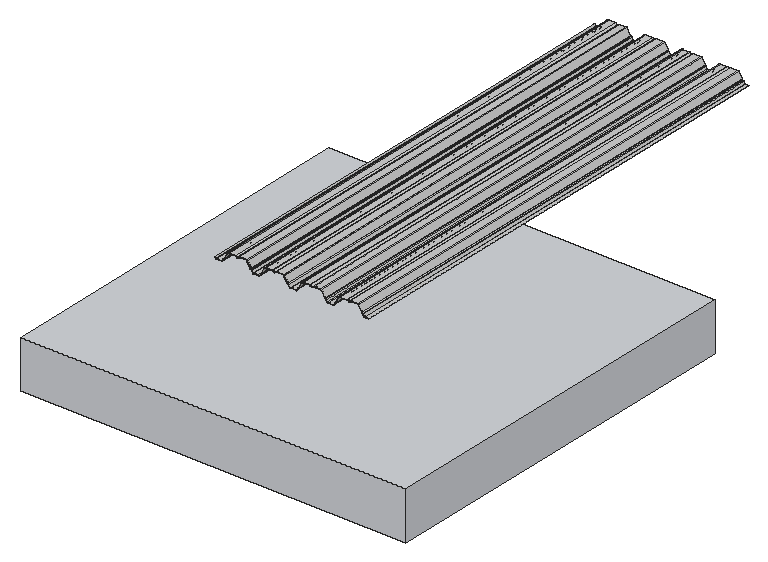
Revit family "Trapézový plech CB 60_235", category Obecné modely, Revit 2016
Family settings
  Hostitel = Plocha
  Typ součásti = Normální
  Může být hostitelem pro výztuž = Ne
  Kóta kulaté spojky = Použít průměr
  Ořezat dutým tvarem při načtení = Ne
  Sdílené = Ne
  Bod výpočtu místnosti = Ne
Parameters
  Šířka prvku - ořezání [instance] = 971.683 mm
  Šířka [instance] = 940 mm  # constant formula
  Výrobce = "CB profil a. s."  # constant formula
  Default Elevation = 0 mm
  URL = "https://www.cbprofil.cz/vyrobni-program/trapezove-plechy-vyroba-cb/"
  Třída oceli [instance] = Třída oceli : S 320 GD
  Tloušťka [instance] = 1 mm
  Pozitivní [instance] = not(Negativní)  # yes
  Popis = "CB 60/235"
  Negativní [instance] = no
  F2 barva [instance] = Pozink
  F1 barva [instance] = Pozink
  Délka [instance] = 3000 mm
  CB FLIS [instance] = no
Reference planes
  plane 1 "Střed (vpředu/vzadu)": y = 0
  plane 2: z = 0
  plane 3 "Střed (vlevo/vpravo)": x = 0
  plane 4 "trapézový plech": z = 0
  plane 5 "oříznutí": x = -971.683
  plane 6: x = -1219.2
  plane 7: x = -940
  plane 8: z = 62
Forms (mm)
  Extrusion 1, solid
    sketch origin (0, 0, 0) x (1, 0, 0) y (0, 1, 0)
      loop
        line (-1219.2, 1219.2) -> (-1219.2, -1219.2) -> (1219.2, -1219.2) -> (1219.2, 1219.2) -> (-1219.2, 1219.2)
    from 0 to -304.8
  Sweep 2, solid, material "Pozink" <- "F2 barva", visible <- "Pozitivní"
    path origin (0, 0, 0) x (-1, 0, 0) y (0, -1, 0)
      loop
        line (0, 0) -> (0, -3000)
    profile "CB 60_235 : CB 60_235" origin (0, 1500, 0) x (-1, 0, 0) y (0, 0, 1)
      loop
        line (0, 1) -> (-4.6, 1) -> (-4.6, 0) -> (0, 0) -> (17.003, 0)
        arc (17.003, 0) -> (19.831, 0.783) -> (21.854, 2.908) r 5.5
        line (21.854, 2.908) -> (27.889, 14.201)
        arc (27.889, 14.201) -> (28.496, 15.072) -> (29.291, 15.777) r 4.5
        line (29.291, 15.777) -> (36.384, 20.702)
        arc (36.384, 20.702) -> (37.355, 21.563) -> (38.097, 22.627) r 5.5
        line (38.097, 22.627) -> (56.798, 57.621)
        arc (56.798, 57.621) -> (58.453, 59.36) -> (60.767, 60) r 4.5
        line (60.767, 60) -> (104.431, 60)
        arc (104.431, 60) -> (105.595, 59.847) -> (106.681, 59.397) r 4.5
        line (106.681, 59.397) -> (114.752, 54.737)
        arc (114.752, 54.737) -> (117.502, 54) -> (120.252, 54.737) r 5.5
        line (120.252, 54.737) -> (128.324, 59.397)
        arc (128.324, 59.397) -> (129.409, 59.847) -> (130.574, 60) r 4.5
        line (130.574, 60) -> (174.238, 60)
        arc (174.238, 60) -> (176.552, 59.36) -> (178.207, 57.621) r 4.5
        line (178.207, 57.621) -> (196.907, 22.627)
        arc (196.907, 22.627) -> (197.65, 21.563) -> (198.621, 20.702) r 5.5
        line (198.621, 20.702) -> (205.714, 15.777)
        arc (205.714, 15.777) -> (206.508, 15.072) -> (207.116, 14.201) r 4.5
        line (207.116, 14.201) -> (213.151, 2.908)
        arc (213.151, 2.908) -> (215.174, 0.783) -> (218.002, 0) r 5.5
        line (218.002, 0) -> (235.005, 0) -> (252.008, 0)
        arc (252.008, 0) -> (254.835, 0.783) -> (256.858, 2.908) r 5.5
        line (256.858, 2.908) -> (262.894, 14.201)
        arc (262.894, 14.201) -> (263.501, 15.072) -> (264.296, 15.777) r 4.5
        line (264.296, 15.777) -> (271.388, 20.702)
        arc (271.388, 20.702) -> (272.36, 21.563) -> (273.102, 22.627) r 5.5
        line (273.102, 22.627) -> (291.803, 57.621)
        arc (291.803, 57.621) -> (293.458, 59.36) -> (295.771, 60) r 4.5
        line (295.771, 60) -> (339.435, 60)
        arc (339.435, 60) -> (340.6, 59.847) -> (341.685, 59.397) r 4.5
        line (341.685, 59.397) -> (349.757, 54.737)
        arc (349.757, 54.737) -> (352.507, 54) -> (355.257, 54.737) r 5.5
        line (355.257, 54.737) -> (363.329, 59.397)
        arc (363.329, 59.397) -> (364.414, 59.847) -> (365.579, 60) r 4.5
        line (365.579, 60) -> (409.243, 60)
        arc (409.243, 60) -> (411.556, 59.36) -> (413.212, 57.621) r 4.5
        line (413.212, 57.621) -> (431.912, 22.627)
        arc (431.912, 22.627) -> (432.655, 21.563) -> (433.626, 20.702) r 5.5
        line (433.626, 20.702) -> (440.718, 15.777)
        arc (440.718, 15.777) -> (441.513, 15.072) -> (442.12, 14.201) r 4.5
        line (442.12, 14.201) -> (448.156, 2.908)
        arc (448.156, 2.908) -> (450.179, 0.783) -> (453.007, 0) r 5.5
        line (453.007, 0) -> (470.009, 0) -> (487.012, 0)
        arc (487.012, 0) -> (489.84, 0.783) -> (491.863, 2.908) r 5.5
        line (491.863, 2.908) -> (497.898, 14.201)
        arc (497.898, 14.201) -> (498.506, 15.072) -> (499.3, 15.777) r 4.5
        line (499.3, 15.777) -> (506.393, 20.702)
        arc (506.393, 20.702) -> (507.364, 21.563) -> (508.107, 22.627) r 5.5
        line (508.107, 22.627) -> (526.807, 57.621)
        arc (526.807, 57.621) -> (528.463, 59.36) -> (530.776, 60) r 4.5
        line (530.776, 60) -> (574.44, 60)
        arc (574.44, 60) -> (575.605, 59.847) -> (576.69, 59.397) r 4.5
        line (576.69, 59.397) -> (584.762, 54.737)
        arc (584.762, 54.737) -> (587.512, 54) -> (590.262, 54.737) r 5.5
        line (590.262, 54.737) -> (598.334, 59.397)
        arc (598.334, 59.397) -> (599.419, 59.847) -> (600.584, 60) r 4.5
        line (600.584, 60) -> (644.247, 60)
        arc (644.247, 60) -> (646.561, 59.36) -> (648.216, 57.621) r 4.5
        line (648.216, 57.621) -> (666.917, 22.627)
        arc (666.917, 22.627) -> (667.659, 21.563) -> (668.631, 20.702) r 5.5
        line (668.631, 20.702) -> (675.723, 15.777)
        arc (675.723, 15.777) -> (676.518, 15.072) -> (677.125, 14.201) r 4.5
        line (677.125, 14.201) -> (683.161, 2.908)
        arc (683.161, 2.908) -> (685.184, 0.783) -> (688.011, 0) r 5.5
        line (688.011, 0) -> (705.014, 0) -> (722.017, 0)
        arc (722.017, 0) -> (724.845, 0.783) -> (726.868, 2.908) r 5.5
        line (726.868, 2.908) -> (732.903, 14.201)
        arc (732.903, 14.201) -> (733.511, 15.072) -> (734.305, 15.777) r 4.5
        line (734.305, 15.777) -> (741.398, 20.702)
        arc (741.398, 20.702) -> (742.369, 21.563) -> (743.111, 22.627) r 5.5
        line (743.111, 22.627) -> (761.812, 57.621)
        arc (761.812, 57.621) -> (763.467, 59.36) -> (765.781, 60) r 4.5
        line (765.781, 60) -> (809.445, 60)
        arc (809.445, 60) -> (810.609, 59.847) -> (811.695, 59.397) r 4.5
        line (811.695, 59.397) -> (819.766, 54.737)
        arc (819.766, 54.737) -> (822.516, 54) -> (825.266, 54.737) r 5.5
        line (825.266, 54.737) -> (833.338, 59.397)
        arc (833.338, 59.397) -> (834.424, 59.847) -> (835.588, 60) r 4.5
        line (835.588, 60) -> (879.252, 60)
        arc (879.252, 60) -> (881.566, 59.36) -> (883.221, 57.621) r 4.5
        line (883.221, 57.621) -> (901.922, 22.627)
        arc (901.922, 22.627) -> (902.664, 21.563) -> (903.635, 20.702) r 5.5
        line (903.635, 20.702) -> (910.728, 15.777)
        arc (910.728, 15.777) -> (911.522, 15.072) -> (912.13, 14.201) r 4.5
        line (912.13, 14.201) -> (918.165, 2.908)
        arc (918.165, 2.908) -> (920.188, 0.783) -> (923.016, 0) r 5.5
        line (923.016, 0) -> (940.019, 0) -> (957.022, 0)
        arc (957.022, 0) -> (959.849, 0.783) -> (961.872, 2.908) r 5.5
        line (961.872, 2.908) -> (965.644, 9.965) -> (964.762, 10.436) -> (960.99, 3.379)
        arc (960.99, 3.379) -> (959.335, 1.64) -> (957.022, 1) r 4.5
        line (957.022, 1) -> (940.019, 1) -> (923.016, 1)
        arc (923.016, 1) -> (920.702, 1.64) -> (919.047, 3.379) r 4.5
        line (919.047, 3.379) -> (913.012, 14.673)
        arc (913.012, 14.673) -> (912.269, 15.737) -> (911.298, 16.598) r 5.5
        line (911.298, 16.598) -> (904.206, 21.523)
        arc (904.206, 21.523) -> (903.411, 22.228) -> (902.804, 23.099) r 4.5
        line (902.804, 23.099) -> (884.103, 58.092)
        arc (884.103, 58.092) -> (882.08, 60.217) -> (879.252, 61) r 5.5
        line (879.252, 61) -> (835.588, 61)
        arc (835.588, 61) -> (834.165, 60.813) -> (832.838, 60.263) r 5.5
        line (832.838, 60.263) -> (824.766, 55.603)
        arc (824.766, 55.603) -> (822.516, 55) -> (820.266, 55.603) r 4.5
        line (820.266, 55.603) -> (812.195, 60.263)
        arc (812.195, 60.263) -> (810.868, 60.813) -> (809.445, 61) r 5.5
        line (809.445, 61) -> (765.781, 61)
        arc (765.781, 61) -> (762.953, 60.217) -> (760.93, 58.092) r 5.5
        line (760.93, 58.092) -> (742.229, 23.099)
        arc (742.229, 23.099) -> (741.622, 22.228) -> (740.827, 21.523) r 4.5
        line (740.827, 21.523) -> (733.735, 16.598)
        arc (733.735, 16.598) -> (732.764, 15.737) -> (732.021, 14.673) r 5.5
        line (732.021, 14.673) -> (725.986, 3.379)
        arc (725.986, 3.379) -> (724.331, 1.64) -> (722.017, 1) r 4.5
        line (722.017, 1) -> (705.014, 1) -> (688.011, 1)
        arc (688.011, 1) -> (685.698, 1.64) -> (684.042, 3.379) r 4.5
        line (684.042, 3.379) -> (678.007, 14.673)
        arc (678.007, 14.673) -> (677.265, 15.737) -> (676.293, 16.598) r 5.5
        line (676.293, 16.598) -> (669.201, 21.523)
        arc (669.201, 21.523) -> (668.406, 22.228) -> (667.799, 23.099) r 4.5
        line (667.799, 23.099) -> (649.098, 58.092)
        arc (649.098, 58.092) -> (647.075, 60.217) -> (644.247, 61) r 5.5
        line (644.247, 61) -> (600.584, 61)
        arc (600.584, 61) -> (599.16, 60.813) -> (597.834, 60.263) r 5.5
        line (597.834, 60.263) -> (589.762, 55.603)
        arc (589.762, 55.603) -> (587.512, 55) -> (585.262, 55.603) r 4.5
        line (585.262, 55.603) -> (577.19, 60.263)
        arc (577.19, 60.263) -> (575.863, 60.813) -> (574.44, 61) r 5.5
        line (574.44, 61) -> (530.776, 61)
        arc (530.776, 61) -> (527.948, 60.217) -> (525.925, 58.092) r 5.5
        line (525.925, 58.092) -> (507.225, 23.099)
        arc (507.225, 23.099) -> (506.617, 22.228) -> (505.823, 21.523) r 4.5
        line (505.823, 21.523) -> (498.73, 16.598)
        arc (498.73, 16.598) -> (497.759, 15.737) -> (497.016, 14.673) r 5.5
        line (497.016, 14.673) -> (490.981, 3.379)
        arc (490.981, 3.379) -> (489.326, 1.64) -> (487.012, 1) r 4.5
        line (487.012, 1) -> (470.009, 1) -> (453.007, 1)
        arc (453.007, 1) -> (450.693, 1.64) -> (449.038, 3.379) r 4.5
        line (449.038, 3.379) -> (443.002, 14.673)
        arc (443.002, 14.673) -> (442.26, 15.737) -> (441.289, 16.598) r 5.5
        line (441.289, 16.598) -> (434.196, 21.523)
        arc (434.196, 21.523) -> (433.402, 22.228) -> (432.794, 23.099) r 4.5
        line (432.794, 23.099) -> (414.093, 58.092)
        arc (414.093, 58.092) -> (412.07, 60.217) -> (409.243, 61) r 5.5
        line (409.243, 61) -> (365.579, 61)
        arc (365.579, 61) -> (364.155, 60.813) -> (362.829, 60.263) r 5.5
        line (362.829, 60.263) -> (354.757, 55.603)
        arc (354.757, 55.603) -> (352.507, 55) -> (350.257, 55.603) r 4.5
        line (350.257, 55.603) -> (342.185, 60.263)
        arc (342.185, 60.263) -> (340.859, 60.813) -> (339.435, 61) r 5.5
        line (339.435, 61) -> (295.771, 61)
        arc (295.771, 61) -> (292.944, 60.217) -> (290.921, 58.092) r 5.5
        line (290.921, 58.092) -> (272.22, 23.099)
        arc (272.22, 23.099) -> (271.613, 22.228) -> (270.818, 21.523) r 4.5
        line (270.818, 21.523) -> (263.725, 16.598)
        arc (263.725, 16.598) -> (262.754, 15.737) -> (262.012, 14.673) r 5.5
        line (262.012, 14.673) -> (255.976, 3.379)
        arc (255.976, 3.379) -> (254.321, 1.64) -> (252.008, 1) r 4.5
        line (252.008, 1) -> (235.005, 1) -> (218.002, 1)
        arc (218.002, 1) -> (215.688, 1.64) -> (214.033, 3.379) r 4.5
        line (214.033, 3.379) -> (207.998, 14.673)
        arc (207.998, 14.673) -> (207.255, 15.737) -> (206.284, 16.598) r 5.5
        line (206.284, 16.598) -> (199.191, 21.523)
        arc (199.191, 21.523) -> (198.397, 22.228) -> (197.789, 23.099) r 4.5
        line (197.789, 23.099) -> (179.089, 58.092)
        arc (179.089, 58.092) -> (177.066, 60.217) -> (174.238, 61) r 5.5
        line (174.238, 61) -> (130.574, 61)
        arc (130.574, 61) -> (129.151, 60.813) -> (127.824, 60.263) r 5.5
        line (127.824, 60.263) -> (119.752, 55.603)
        arc (119.752, 55.603) -> (117.502, 55) -> (115.252, 55.603) r 4.5
        line (115.252, 55.603) -> (107.181, 60.263)
        arc (107.181, 60.263) -> (105.854, 60.813) -> (104.431, 61) r 5.5
        line (104.431, 61) -> (60.767, 61)
        arc (60.767, 61) -> (57.939, 60.217) -> (55.916, 58.092) r 5.5
        line (55.916, 58.092) -> (37.215, 23.099)
        arc (37.215, 23.099) -> (36.608, 22.228) -> (35.813, 21.523) r 4.5
        line (35.813, 21.523) -> (28.721, 16.598)
        arc (28.721, 16.598) -> (27.749, 15.737) -> (27.007, 14.673) r 5.5
        line (27.007, 14.673) -> (20.972, 3.379)
        arc (20.972, 3.379) -> (19.316, 1.64) -> (17.003, 1) r 4.5
        line (17.003, 1) -> (0, 1)
  Extrusion 3, void
    sketch origin (0, 0, 0) x (1, 0, 0) y (0, 0, 1)
      loop
        line (-1219.2, 0) -> (-971.683, 0) -> (-971.683, 62) -> (-1219.2, 62) -> (-1219.2, 0)
    from 0 to -3000
  Sweep 4, solid, material "Pozink" <- "F2 barva", visible <- "Negativní"
    path origin (0, 0, 0) x (-1, 0, 0) y (0, -1, 0)
      loop
        line (0, 0) -> (0, -3000)
    profile "CB 60_235_neg : CB 60_235_neg" origin (0, 1500, 0) x (-1, 0, 0) y (0, 0, 1)
      loop
        line (0, 60) -> (17.003, 60)
        arc (17.003, 60) -> (19.316, 59.36) -> (20.972, 57.621) r 4.5
        line (20.972, 57.621) -> (27.007, 46.327)
        arc (27.007, 46.327) -> (27.749, 45.263) -> (28.721, 44.402) r 5.5
        line (28.721, 44.402) -> (35.813, 39.477)
        arc (35.813, 39.477) -> (36.608, 38.772) -> (37.215, 37.901) r 4.5
        line (37.215, 37.901) -> (55.916, 2.908)
        arc (55.916, 2.908) -> (57.939, 0.783) -> (60.767, 0) r 5.5
        line (60.767, 0) -> (104.431, 0)
        arc (104.431, 0) -> (105.854, 0.187) -> (107.181, 0.737) r 5.5
        line (107.181, 0.737) -> (115.252, 5.397)
        arc (115.252, 5.397) -> (117.502, 6) -> (119.752, 5.397) r 4.5
        line (119.752, 5.397) -> (127.824, 0.737)
        arc (127.824, 0.737) -> (129.151, 0.187) -> (130.574, 0) r 5.5
        line (130.574, 0) -> (174.238, 0)
        arc (174.238, 0) -> (177.066, 0.783) -> (179.089, 2.908) r 5.5
        line (179.089, 2.908) -> (197.789, 37.901)
        arc (197.789, 37.901) -> (198.397, 38.772) -> (199.191, 39.477) r 4.5
        line (199.191, 39.477) -> (206.284, 44.402)
        arc (206.284, 44.402) -> (207.255, 45.263) -> (207.998, 46.327) r 5.5
        line (207.998, 46.327) -> (214.033, 57.621)
        arc (214.033, 57.621) -> (215.688, 59.36) -> (218.002, 60) r 4.5
        line (218.002, 60) -> (235.005, 60) -> (252.008, 60)
        arc (252.008, 60) -> (254.321, 59.36) -> (255.976, 57.621) r 4.5
        line (255.976, 57.621) -> (262.012, 46.327)
        arc (262.012, 46.327) -> (262.754, 45.263) -> (263.725, 44.402) r 5.5
        line (263.725, 44.402) -> (270.818, 39.477)
        arc (270.818, 39.477) -> (271.613, 38.772) -> (272.22, 37.901) r 4.5
        line (272.22, 37.901) -> (290.921, 2.908)
        arc (290.921, 2.908) -> (292.944, 0.783) -> (295.771, 0) r 5.5
        line (295.771, 0) -> (339.435, 0)
        arc (339.435, 0) -> (340.859, 0.187) -> (342.185, 0.737) r 5.5
        line (342.185, 0.737) -> (350.257, 5.397)
        arc (350.257, 5.397) -> (352.507, 6) -> (354.757, 5.397) r 4.5
        line (354.757, 5.397) -> (362.829, 0.737)
        arc (362.829, 0.737) -> (364.155, 0.187) -> (365.579, 0) r 5.5
        line (365.579, 0) -> (409.243, 0)
        arc (409.243, 0) -> (412.07, 0.783) -> (414.093, 2.908) r 5.5
        line (414.093, 2.908) -> (432.794, 37.901)
        arc (432.794, 37.901) -> (433.402, 38.772) -> (434.196, 39.477) r 4.5
        line (434.196, 39.477) -> (441.289, 44.402)
        arc (441.289, 44.402) -> (442.26, 45.263) -> (443.002, 46.327) r 5.5
        line (443.002, 46.327) -> (449.038, 57.621)
        arc (449.038, 57.621) -> (450.693, 59.36) -> (453.007, 60) r 4.5
        line (453.007, 60) -> (470.009, 60) -> (487.012, 60)
        arc (487.012, 60) -> (489.326, 59.36) -> (490.981, 57.621) r 4.5
        line (490.981, 57.621) -> (497.016, 46.327)
        arc (497.016, 46.327) -> (497.759, 45.263) -> (498.73, 44.402) r 5.5
        line (498.73, 44.402) -> (505.823, 39.477)
        arc (505.823, 39.477) -> (506.617, 38.772) -> (507.225, 37.901) r 4.5
        line (507.225, 37.901) -> (525.925, 2.908)
        arc (525.925, 2.908) -> (527.948, 0.783) -> (530.776, 0) r 5.5
        line (530.776, 0) -> (574.44, 0)
        arc (574.44, 0) -> (575.863, 0.187) -> (577.19, 0.737) r 5.5
        line (577.19, 0.737) -> (585.262, 5.397)
        arc (585.262, 5.397) -> (587.512, 6) -> (589.762, 5.397) r 4.5
        line (589.762, 5.397) -> (597.834, 0.737)
        arc (597.834, 0.737) -> (599.16, 0.187) -> (600.584, 0) r 5.5
        line (600.584, 0) -> (644.247, 0)
        arc (644.247, 0) -> (647.075, 0.783) -> (649.098, 2.908) r 5.5
        line (649.098, 2.908) -> (667.799, 37.901)
        arc (667.799, 37.901) -> (668.406, 38.772) -> (669.201, 39.477) r 4.5
        line (669.201, 39.477) -> (676.293, 44.402)
        arc (676.293, 44.402) -> (677.265, 45.263) -> (678.007, 46.327) r 5.5
        line (678.007, 46.327) -> (684.042, 57.621)
        arc (684.042, 57.621) -> (685.698, 59.36) -> (688.011, 60) r 4.5
        line (688.011, 60) -> (705.014, 60) -> (722.017, 60)
        arc (722.017, 60) -> (724.331, 59.36) -> (725.986, 57.621) r 4.5
        line (725.986, 57.621) -> (732.021, 46.327)
        arc (732.021, 46.327) -> (732.764, 45.263) -> (733.735, 44.402) r 5.5
        line (733.735, 44.402) -> (740.827, 39.477)
        arc (740.827, 39.477) -> (741.622, 38.772) -> (742.229, 37.901) r 4.5
        line (742.229, 37.901) -> (760.93, 2.908)
        arc (760.93, 2.908) -> (762.953, 0.783) -> (765.781, 0) r 5.5
        line (765.781, 0) -> (809.445, 0)
        arc (809.445, 0) -> (810.868, 0.187) -> (812.195, 0.737) r 5.5
        line (812.195, 0.737) -> (820.266, 5.397)
        arc (820.266, 5.397) -> (822.516, 6) -> (824.766, 5.397) r 4.5
        line (824.766, 5.397) -> (832.838, 0.737)
        arc (832.838, 0.737) -> (834.165, 0.187) -> (835.588, 0) r 5.5
        line (835.588, 0) -> (879.252, 0)
        arc (879.252, 0) -> (882.08, 0.783) -> (884.103, 2.908) r 5.5
        line (884.103, 2.908) -> (902.804, 37.901)
        arc (902.804, 37.901) -> (903.411, 38.772) -> (904.206, 39.477) r 4.5
        line (904.206, 39.477) -> (911.298, 44.402)
        arc (911.298, 44.402) -> (912.269, 45.263) -> (913.012, 46.327) r 5.5
        line (913.012, 46.327) -> (919.047, 57.621)
        arc (919.047, 57.621) -> (920.702, 59.36) -> (923.016, 60) r 4.5
        line (923.016, 60) -> (940.019, 60) -> (957.022, 60)
        arc (957.022, 60) -> (959.335, 59.36) -> (960.99, 57.621) r 4.5
        line (960.99, 57.621) -> (964.762, 50.564) -> (965.644, 51.035) -> (961.872, 58.092)
        arc (961.872, 58.092) -> (959.849, 60.217) -> (957.022, 61) r 5.5
        line (957.022, 61) -> (940.019, 61) -> (923.016, 61)
        arc (923.016, 61) -> (920.188, 60.217) -> (918.165, 58.092) r 5.5
        line (918.165, 58.092) -> (912.13, 46.799)
        arc (912.13, 46.799) -> (911.522, 45.928) -> (910.728, 45.223) r 4.5
        line (910.728, 45.223) -> (903.635, 40.298)
        arc (903.635, 40.298) -> (902.664, 39.437) -> (901.922, 38.373) r 5.5
        line (901.922, 38.373) -> (883.221, 3.379)
        arc (883.221, 3.379) -> (881.566, 1.64) -> (879.252, 1) r 4.5
        line (879.252, 1) -> (835.588, 1)
        arc (835.588, 1) -> (834.424, 1.153) -> (833.338, 1.603) r 4.5
        line (833.338, 1.603) -> (825.266, 6.263)
        arc (825.266, 6.263) -> (822.516, 7) -> (819.766, 6.263) r 5.5
        line (819.766, 6.263) -> (811.695, 1.603)
        arc (811.695, 1.603) -> (810.609, 1.153) -> (809.445, 1) r 4.5
        line (809.445, 1) -> (765.781, 1)
        arc (765.781, 1) -> (763.467, 1.64) -> (761.812, 3.379) r 4.5
        line (761.812, 3.379) -> (743.111, 38.373)
        arc (743.111, 38.373) -> (742.369, 39.437) -> (741.398, 40.298) r 5.5
        line (741.398, 40.298) -> (734.305, 45.223)
        arc (734.305, 45.223) -> (733.511, 45.928) -> (732.903, 46.799) r 4.5
        line (732.903, 46.799) -> (726.868, 58.092)
        arc (726.868, 58.092) -> (724.845, 60.217) -> (722.017, 61) r 5.5
        line (722.017, 61) -> (705.014, 61) -> (688.011, 61)
        arc (688.011, 61) -> (685.184, 60.217) -> (683.161, 58.092) r 5.5
        line (683.161, 58.092) -> (677.125, 46.799)
        arc (677.125, 46.799) -> (676.518, 45.928) -> (675.723, 45.223) r 4.5
        line (675.723, 45.223) -> (668.631, 40.298)
        arc (668.631, 40.298) -> (667.659, 39.437) -> (666.917, 38.373) r 5.5
        line (666.917, 38.373) -> (648.216, 3.379)
        arc (648.216, 3.379) -> (646.561, 1.64) -> (644.247, 1) r 4.5
        line (644.247, 1) -> (600.584, 1)
        arc (600.584, 1) -> (599.419, 1.153) -> (598.334, 1.603) r 4.5
        line (598.334, 1.603) -> (590.262, 6.263)
        arc (590.262, 6.263) -> (587.512, 7) -> (584.762, 6.263) r 5.5
        line (584.762, 6.263) -> (576.69, 1.603)
        arc (576.69, 1.603) -> (575.605, 1.153) -> (574.44, 1) r 4.5
        line (574.44, 1) -> (530.776, 1)
        arc (530.776, 1) -> (528.463, 1.64) -> (526.807, 3.379) r 4.5
        line (526.807, 3.379) -> (508.107, 38.373)
        arc (508.107, 38.373) -> (507.364, 39.437) -> (506.393, 40.298) r 5.5
        line (506.393, 40.298) -> (499.3, 45.223)
        arc (499.3, 45.223) -> (498.506, 45.928) -> (497.898, 46.799) r 4.5
        line (497.898, 46.799) -> (491.863, 58.092)
        arc (491.863, 58.092) -> (489.84, 60.217) -> (487.012, 61) r 5.5
        line (487.012, 61) -> (470.009, 61) -> (453.007, 61)
        arc (453.007, 61) -> (450.179, 60.217) -> (448.156, 58.092) r 5.5
        line (448.156, 58.092) -> (442.12, 46.799)
        arc (442.12, 46.799) -> (441.513, 45.928) -> (440.718, 45.223) r 4.5
        line (440.718, 45.223) -> (433.626, 40.298)
        arc (433.626, 40.298) -> (432.655, 39.437) -> (431.912, 38.373) r 5.5
        line (431.912, 38.373) -> (413.212, 3.379)
        arc (413.212, 3.379) -> (411.556, 1.64) -> (409.243, 1) r 4.5
        line (409.243, 1) -> (365.579, 1)
        arc (365.579, 1) -> (364.414, 1.153) -> (363.329, 1.603) r 4.5
        line (363.329, 1.603) -> (355.257, 6.263)
        arc (355.257, 6.263) -> (352.507, 7) -> (349.757, 6.263) r 5.5
        line (349.757, 6.263) -> (341.685, 1.603)
        arc (341.685, 1.603) -> (340.6, 1.153) -> (339.435, 1) r 4.5
        line (339.435, 1) -> (295.771, 1)
        arc (295.771, 1) -> (293.458, 1.64) -> (291.803, 3.379) r 4.5
        line (291.803, 3.379) -> (273.102, 38.373)
        arc (273.102, 38.373) -> (272.36, 39.437) -> (271.388, 40.298) r 5.5
        line (271.388, 40.298) -> (264.296, 45.223)
        arc (264.296, 45.223) -> (263.501, 45.928) -> (262.894, 46.799) r 4.5
        line (262.894, 46.799) -> (256.858, 58.092)
        arc (256.858, 58.092) -> (254.835, 60.217) -> (252.008, 61) r 5.5
        line (252.008, 61) -> (235.005, 61) -> (218.002, 61)
        arc (218.002, 61) -> (215.174, 60.217) -> (213.151, 58.092) r 5.5
        line (213.151, 58.092) -> (207.116, 46.799)
        arc (207.116, 46.799) -> (206.508, 45.928) -> (205.714, 45.223) r 4.5
        line (205.714, 45.223) -> (198.621, 40.298)
        arc (198.621, 40.298) -> (197.65, 39.437) -> (196.907, 38.373) r 5.5
        line (196.907, 38.373) -> (178.207, 3.379)
        arc (178.207, 3.379) -> (176.552, 1.64) -> (174.238, 1) r 4.5
        line (174.238, 1) -> (130.574, 1)
        arc (130.574, 1) -> (129.409, 1.153) -> (128.324, 1.603) r 4.5
        line (128.324, 1.603) -> (120.252, 6.263)
        arc (120.252, 6.263) -> (117.502, 7) -> (114.752, 6.263) r 5.5
        line (114.752, 6.263) -> (106.681, 1.603)
        arc (106.681, 1.603) -> (105.595, 1.153) -> (104.431, 1) r 4.5
        line (104.431, 1) -> (60.767, 1)
        arc (60.767, 1) -> (58.453, 1.64) -> (56.798, 3.379) r 4.5
        line (56.798, 3.379) -> (38.097, 38.373)
        arc (38.097, 38.373) -> (37.355, 39.437) -> (36.384, 40.298) r 5.5
        line (36.384, 40.298) -> (29.291, 45.223)
        arc (29.291, 45.223) -> (28.496, 45.928) -> (27.889, 46.799) r 4.5
        line (27.889, 46.799) -> (21.854, 58.092)
        arc (21.854, 58.092) -> (19.831, 60.217) -> (17.003, 61) r 5.5
        line (17.003, 61) -> (0, 61) -> (-4.6, 61) -> (-4.6, 60) -> (0, 60)
  Sweep 5, solid, material "Pozink" <- "F1 barva", visible <- "Pozitivní"
    path origin (0, 0, 0) x (-1, 0, 0) y (0, -1, 0)
      loop
        line (0, 0) -> (0, -3000)
    profile "CB 60_235_F1 : CB 60_235_F1" origin (0, 1500, 0) x (-1, 0, 0) y (0, 0, 1)
      loop
        line (0, 1) -> (17.003, 1)
        arc (17.003, 1) -> (19.316, 1.64) -> (20.972, 3.379) r 4.5
        line (20.972, 3.379) -> (27.007, 14.673)
        arc (27.007, 14.673) -> (27.749, 15.737) -> (28.721, 16.598) r 5.5
        line (28.721, 16.598) -> (35.813, 21.523)
        arc (35.813, 21.523) -> (36.608, 22.228) -> (37.215, 23.099) r 4.5
        line (37.215, 23.099) -> (55.916, 58.092)
        arc (55.916, 58.092) -> (57.939, 60.217) -> (60.767, 61) r 5.5
        line (60.767, 61) -> (104.431, 61)
        arc (104.431, 61) -> (105.854, 60.813) -> (107.181, 60.263) r 5.5
        line (107.181, 60.263) -> (115.252, 55.603)
        arc (115.252, 55.603) -> (117.502, 55) -> (119.752, 55.603) r 4.5
        line (119.752, 55.603) -> (127.824, 60.263)
        arc (127.824, 60.263) -> (129.151, 60.813) -> (130.574, 61) r 5.5
        line (130.574, 61) -> (174.238, 61)
        arc (174.238, 61) -> (177.066, 60.217) -> (179.089, 58.092) r 5.5
        line (179.089, 58.092) -> (197.789, 23.099)
        arc (197.789, 23.099) -> (198.397, 22.228) -> (199.191, 21.523) r 4.5
        line (199.191, 21.523) -> (206.284, 16.598)
        arc (206.284, 16.598) -> (207.255, 15.737) -> (207.998, 14.673) r 5.5
        line (207.998, 14.673) -> (214.033, 3.379)
        arc (214.033, 3.379) -> (215.688, 1.64) -> (218.002, 1) r 4.5
        line (218.002, 1) -> (235.005, 1) -> (252.008, 1)
        arc (252.008, 1) -> (254.321, 1.64) -> (255.976, 3.379) r 4.5
        line (255.976, 3.379) -> (262.012, 14.673)
        arc (262.012, 14.673) -> (262.754, 15.737) -> (263.725, 16.598) r 5.5
        line (263.725, 16.598) -> (270.818, 21.523)
        arc (270.818, 21.523) -> (271.613, 22.228) -> (272.22, 23.099) r 4.5
        line (272.22, 23.099) -> (290.921, 58.092)
        arc (290.921, 58.092) -> (292.944, 60.217) -> (295.771, 61) r 5.5
        line (295.771, 61) -> (339.435, 61)
        arc (339.435, 61) -> (340.859, 60.813) -> (342.185, 60.263) r 5.5
        line (342.185, 60.263) -> (350.257, 55.603)
        arc (350.257, 55.603) -> (352.507, 55) -> (354.757, 55.603) r 4.5
        line (354.757, 55.603) -> (362.829, 60.263)
        arc (362.829, 60.263) -> (364.155, 60.813) -> (365.579, 61) r 5.5
        line (365.579, 61) -> (409.243, 61)
        arc (409.243, 61) -> (412.07, 60.217) -> (414.093, 58.092) r 5.5
        line (414.093, 58.092) -> (432.794, 23.099)
        arc (432.794, 23.099) -> (433.402, 22.228) -> (434.196, 21.523) r 4.5
        line (434.196, 21.523) -> (441.289, 16.598)
        arc (441.289, 16.598) -> (442.26, 15.737) -> (443.002, 14.673) r 5.5
        line (443.002, 14.673) -> (449.038, 3.379)
        arc (449.038, 3.379) -> (450.693, 1.64) -> (453.007, 1) r 4.5
        line (453.007, 1) -> (470.009, 1) -> (487.012, 1)
        arc (487.012, 1) -> (489.326, 1.64) -> (490.981, 3.379) r 4.5
        line (490.981, 3.379) -> (497.016, 14.673)
        arc (497.016, 14.673) -> (497.759, 15.737) -> (498.73, 16.598) r 5.5
        line (498.73, 16.598) -> (505.823, 21.523)
        arc (505.823, 21.523) -> (506.617, 22.228) -> (507.225, 23.099) r 4.5
        line (507.225, 23.099) -> (525.925, 58.092)
        arc (525.925, 58.092) -> (527.948, 60.217) -> (530.776, 61) r 5.5
        line (530.776, 61) -> (574.44, 61)
        arc (574.44, 61) -> (575.863, 60.813) -> (577.19, 60.263) r 5.5
        line (577.19, 60.263) -> (585.262, 55.603)
        arc (585.262, 55.603) -> (587.512, 55) -> (589.762, 55.603) r 4.5
        line (589.762, 55.603) -> (597.834, 60.263)
        arc (597.834, 60.263) -> (599.16, 60.813) -> (600.584, 61) r 5.5
        line (600.584, 61) -> (644.247, 61)
        arc (644.247, 61) -> (647.075, 60.217) -> (649.098, 58.092) r 5.5
        line (649.098, 58.092) -> (667.799, 23.099)
        arc (667.799, 23.099) -> (668.406, 22.228) -> (669.201, 21.523) r 4.5
        line (669.201, 21.523) -> (676.293, 16.598)
        arc (676.293, 16.598) -> (677.265, 15.737) -> (678.007, 14.673) r 5.5
        line (678.007, 14.673) -> (684.042, 3.379)
        arc (684.042, 3.379) -> (685.698, 1.64) -> (688.011, 1) r 4.5
        line (688.011, 1) -> (705.014, 1) -> (722.017, 1)
        arc (722.017, 1) -> (724.331, 1.64) -> (725.986, 3.379) r 4.5
        line (725.986, 3.379) -> (732.021, 14.673)
        arc (732.021, 14.673) -> (732.764, 15.737) -> (733.735, 16.598) r 5.5
        line (733.735, 16.598) -> (740.827, 21.523)
        arc (740.827, 21.523) -> (741.622, 22.228) -> (742.229, 23.099) r 4.5
        line (742.229, 23.099) -> (760.93, 58.092)
        arc (760.93, 58.092) -> (762.953, 60.217) -> (765.781, 61) r 5.5
        line (765.781, 61) -> (809.445, 61)
        arc (809.445, 61) -> (810.868, 60.813) -> (812.195, 60.263) r 5.5
        line (812.195, 60.263) -> (820.266, 55.603)
        arc (820.266, 55.603) -> (822.516, 55) -> (824.766, 55.603) r 4.5
        line (824.766, 55.603) -> (832.838, 60.263)
        arc (832.838, 60.263) -> (834.165, 60.813) -> (835.588, 61) r 5.5
        line (835.588, 61) -> (879.252, 61)
        arc (879.252, 61) -> (882.08, 60.217) -> (884.103, 58.092) r 5.5
        line (884.103, 58.092) -> (902.804, 23.099)
        arc (902.804, 23.099) -> (903.411, 22.228) -> (904.206, 21.523) r 4.5
        line (904.206, 21.523) -> (911.298, 16.598)
        arc (911.298, 16.598) -> (912.269, 15.737) -> (913.012, 14.673) r 5.5
        line (913.012, 14.673) -> (919.047, 3.379)
        arc (919.047, 3.379) -> (920.702, 1.64) -> (923.016, 1) r 4.5
        line (923.016, 1) -> (940.019, 1) -> (957.022, 1)
        arc (957.022, 1) -> (959.335, 1.64) -> (960.99, 3.379) r 4.5
        line (960.99, 3.379) -> (964.762, 10.436) -> (963.88, 10.907) -> (960.109, 3.85)
        arc (960.109, 3.85) -> (958.821, 2.498) -> (957.022, 2) r 3.5
        line (957.022, 2) -> (940.019, 2) -> (923.016, 2)
        arc (923.016, 2) -> (921.217, 2.498) -> (919.929, 3.85) r 3.5
        line (919.929, 3.85) -> (913.894, 15.144)
        arc (913.894, 15.144) -> (913.016, 16.402) -> (911.869, 17.419) r 6.5
        line (911.869, 17.419) -> (904.776, 22.345)
        arc (904.776, 22.345) -> (904.158, 22.892) -> (903.685, 23.57) r 3.5
        line (903.685, 23.57) -> (884.985, 58.564)
        arc (884.985, 58.564) -> (882.594, 61.075) -> (879.252, 62) r 6.5
        line (879.252, 62) -> (835.588, 62)
        arc (835.588, 62) -> (833.906, 61.779) -> (832.338, 61.129) r 6.5
        line (832.338, 61.129) -> (824.266, 56.469)
        arc (824.266, 56.469) -> (822.516, 56) -> (820.766, 56.469) r 3.5
        line (820.766, 56.469) -> (812.695, 61.129)
        arc (812.695, 61.129) -> (811.127, 61.779) -> (809.445, 62) r 6.5
        line (809.445, 62) -> (765.781, 62)
        arc (765.781, 62) -> (762.439, 61.075) -> (760.048, 58.564) r 6.5
        line (760.048, 58.564) -> (741.348, 23.57)
        arc (741.348, 23.57) -> (740.875, 22.892) -> (740.257, 22.345) r 3.5
        line (740.257, 22.345) -> (733.164, 17.419)
        arc (733.164, 17.419) -> (732.017, 16.402) -> (731.139, 15.144) r 6.5
        line (731.139, 15.144) -> (725.104, 3.85)
        arc (725.104, 3.85) -> (723.816, 2.498) -> (722.017, 2) r 3.5
        line (722.017, 2) -> (705.014, 2) -> (688.011, 2)
        arc (688.011, 2) -> (686.212, 2.498) -> (684.924, 3.85) r 3.5
        line (684.924, 3.85) -> (678.889, 15.144)
        arc (678.889, 15.144) -> (678.012, 16.402) -> (676.864, 17.419) r 6.5
        line (676.864, 17.419) -> (669.771, 22.345)
        arc (669.771, 22.345) -> (669.153, 22.892) -> (668.681, 23.57) r 3.5
        line (668.681, 23.57) -> (649.98, 58.564)
        arc (649.98, 58.564) -> (647.589, 61.075) -> (644.247, 62) r 6.5
        line (644.247, 62) -> (600.584, 62)
        arc (600.584, 62) -> (598.901, 61.779) -> (597.334, 61.129) r 6.5
        line (597.334, 61.129) -> (589.262, 56.469)
        arc (589.262, 56.469) -> (587.512, 56) -> (585.762, 56.469) r 3.5
        line (585.762, 56.469) -> (577.69, 61.129)
        arc (577.69, 61.129) -> (576.122, 61.779) -> (574.44, 62) r 6.5
        line (574.44, 62) -> (530.776, 62)
        arc (530.776, 62) -> (527.434, 61.075) -> (525.043, 58.564) r 6.5
        line (525.043, 58.564) -> (506.343, 23.57)
        arc (506.343, 23.57) -> (505.87, 22.892) -> (505.252, 22.345) r 3.5
        line (505.252, 22.345) -> (498.16, 17.419)
        arc (498.16, 17.419) -> (497.012, 16.402) -> (496.134, 15.144) r 6.5
        line (496.134, 15.144) -> (490.099, 3.85)
        arc (490.099, 3.85) -> (488.812, 2.498) -> (487.012, 2) r 3.5
        line (487.012, 2) -> (470.009, 2) -> (453.007, 2)
        arc (453.007, 2) -> (451.207, 2.498) -> (449.92, 3.85) r 3.5
        line (449.92, 3.85) -> (443.884, 15.144)
        arc (443.884, 15.144) -> (443.007, 16.402) -> (441.859, 17.419) r 6.5
        line (441.859, 17.419) -> (434.767, 22.345)
        arc (434.767, 22.345) -> (434.149, 22.892) -> (433.676, 23.57) r 3.5
        line (433.676, 23.57) -> (414.975, 58.564)
        arc (414.975, 58.564) -> (412.585, 61.075) -> (409.243, 62) r 6.5
        line (409.243, 62) -> (365.579, 62)
        arc (365.579, 62) -> (363.897, 61.779) -> (362.329, 61.129) r 6.5
        line (362.329, 61.129) -> (354.257, 56.469)
        arc (354.257, 56.469) -> (352.507, 56) -> (350.757, 56.469) r 3.5
        line (350.757, 56.469) -> (342.685, 61.129)
        arc (342.685, 61.129) -> (341.118, 61.779) -> (339.435, 62) r 6.5
        line (339.435, 62) -> (295.771, 62)
        arc (295.771, 62) -> (292.43, 61.075) -> (290.039, 58.564) r 6.5
        line (290.039, 58.564) -> (271.338, 23.57)
        arc (271.338, 23.57) -> (270.866, 22.892) -> (270.248, 22.345) r 3.5
        line (270.248, 22.345) -> (263.155, 17.419)
        arc (263.155, 17.419) -> (262.007, 16.402) -> (261.13, 15.144) r 6.5
        line (261.13, 15.144) -> (255.094, 3.85)
        arc (255.094, 3.85) -> (253.807, 2.498) -> (252.008, 2) r 3.5
        line (252.008, 2) -> (235.005, 2) -> (218.002, 2)
        arc (218.002, 2) -> (216.202, 2.498) -> (214.915, 3.85) r 3.5
        line (214.915, 3.85) -> (208.88, 15.144)
        arc (208.88, 15.144) -> (208.002, 16.402) -> (206.854, 17.419) r 6.5
        line (206.854, 17.419) -> (199.762, 22.345)
        arc (199.762, 22.345) -> (199.144, 22.892) -> (198.671, 23.57) r 3.5
        line (198.671, 23.57) -> (179.971, 58.564)
        arc (179.971, 58.564) -> (177.58, 61.075) -> (174.238, 62) r 6.5
        line (174.238, 62) -> (130.574, 62)
        arc (130.574, 62) -> (128.892, 61.779) -> (127.324, 61.129) r 6.5
        line (127.324, 61.129) -> (119.252, 56.469)
        arc (119.252, 56.469) -> (117.502, 56) -> (115.752, 56.469) r 3.5
        line (115.752, 56.469) -> (107.681, 61.129)
        arc (107.681, 61.129) -> (106.113, 61.779) -> (104.431, 62) r 6.5
        line (104.431, 62) -> (60.767, 62)
        arc (60.767, 62) -> (57.425, 61.075) -> (55.034, 58.564) r 6.5
        line (55.034, 58.564) -> (36.333, 23.57)
        arc (36.333, 23.57) -> (35.861, 22.892) -> (35.243, 22.345) r 3.5
        line (35.243, 22.345) -> (28.15, 17.419)
        arc (28.15, 17.419) -> (27.002, 16.402) -> (26.125, 15.144) r 6.5
        line (26.125, 15.144) -> (20.09, 3.85)
        arc (20.09, 3.85) -> (18.802, 2.498) -> (17.003, 2) r 3.5
        line (17.003, 2) -> (0, 2) -> (-4.6, 2) -> (-4.6, 1) -> (0, 1)
  Sweep 6, solid, material "Pozink" <- "F1 barva", visible <- "Negativní"
    path origin (0, 0, 0) x (-1, 0, 0) y (0, -1, 0)
      loop
        line (0, 0) -> (0, -3000)
    profile "CB 60_235_neg_F1 : CB 60_235_neg_F1" origin (0, 1500, 0) x (-1, 0, 0) y (0, 0, 1)
      loop
        line (965.644, 51.035) -> (966.526, 51.506) -> (962.754, 58.564)
        arc (962.754, 58.564) -> (960.364, 61.075) -> (957.022, 62) r 6.5
        line (957.022, 62) -> (940.019, 62) -> (923.016, 62)
        arc (923.016, 62) -> (919.674, 61.075) -> (917.283, 58.564) r 6.5
        line (917.283, 58.564) -> (911.248, 47.27)
        arc (911.248, 47.27) -> (910.775, 46.592) -> (910.157, 46.045) r 3.5
        line (910.157, 46.045) -> (903.065, 41.119)
        arc (903.065, 41.119) -> (901.917, 40.102) -> (901.04, 38.844) r 6.5
        line (901.04, 38.844) -> (882.339, 3.85)
        arc (882.339, 3.85) -> (881.052, 2.498) -> (879.252, 2) r 3.5
        line (879.252, 2) -> (835.588, 2)
        arc (835.588, 2) -> (834.682, 2.119) -> (833.838, 2.469) r 3.5
        line (833.838, 2.469) -> (825.766, 7.129)
        arc (825.766, 7.129) -> (822.516, 8) -> (819.266, 7.129) r 6.5
        line (819.266, 7.129) -> (811.195, 2.469)
        arc (811.195, 2.469) -> (810.351, 2.119) -> (809.445, 2) r 3.5
        line (809.445, 2) -> (765.781, 2)
        arc (765.781, 2) -> (763.981, 2.498) -> (762.694, 3.85) r 3.5
        line (762.694, 3.85) -> (743.993, 38.844)
        arc (743.993, 38.844) -> (743.116, 40.102) -> (741.968, 41.119) r 6.5
        line (741.968, 41.119) -> (734.876, 46.045)
        arc (734.876, 46.045) -> (734.258, 46.592) -> (733.785, 47.27) r 3.5
        line (733.785, 47.27) -> (727.75, 58.564)
        arc (727.75, 58.564) -> (725.359, 61.075) -> (722.017, 62) r 6.5
        line (722.017, 62) -> (705.014, 62) -> (688.011, 62)
        arc (688.011, 62) -> (684.669, 61.075) -> (682.279, 58.564) r 6.5
        line (682.279, 58.564) -> (676.243, 47.27)
        arc (676.243, 47.27) -> (675.771, 46.592) -> (675.153, 46.045) r 3.5
        line (675.153, 46.045) -> (668.06, 41.119)
        arc (668.06, 41.119) -> (666.912, 40.102) -> (666.035, 38.844) r 6.5
        line (666.035, 38.844) -> (647.334, 3.85)
        arc (647.334, 3.85) -> (646.047, 2.498) -> (644.247, 2) r 3.5
        line (644.247, 2) -> (600.584, 2)
        arc (600.584, 2) -> (599.678, 2.119) -> (598.834, 2.469) r 3.5
        line (598.834, 2.469) -> (590.762, 7.129)
        arc (590.762, 7.129) -> (587.512, 8) -> (584.262, 7.129) r 6.5
        line (584.262, 7.129) -> (576.19, 2.469)
        arc (576.19, 2.469) -> (575.346, 2.119) -> (574.44, 2) r 3.5
        line (574.44, 2) -> (530.776, 2)
        arc (530.776, 2) -> (528.977, 2.498) -> (527.689, 3.85) r 3.5
        line (527.689, 3.85) -> (508.989, 38.844)
        arc (508.989, 38.844) -> (508.111, 40.102) -> (506.963, 41.119) r 6.5
        line (506.963, 41.119) -> (499.871, 46.045)
        arc (499.871, 46.045) -> (499.253, 46.592) -> (498.78, 47.27) r 3.5
        line (498.78, 47.27) -> (492.745, 58.564)
        arc (492.745, 58.564) -> (490.354, 61.075) -> (487.012, 62) r 6.5
        line (487.012, 62) -> (470.009, 62) -> (453.007, 62)
        arc (453.007, 62) -> (449.665, 61.075) -> (447.274, 58.564) r 6.5
        line (447.274, 58.564) -> (441.239, 47.27)
        arc (441.239, 47.27) -> (440.766, 46.592) -> (440.148, 46.045) r 3.5
        line (440.148, 46.045) -> (433.055, 41.119)
        arc (433.055, 41.119) -> (431.908, 40.102) -> (431.03, 38.844) r 6.5
        line (431.03, 38.844) -> (412.33, 3.85)
        arc (412.33, 3.85) -> (411.042, 2.498) -> (409.243, 2) r 3.5
        line (409.243, 2) -> (365.579, 2)
        arc (365.579, 2) -> (364.673, 2.119) -> (363.829, 2.469) r 3.5
        line (363.829, 2.469) -> (355.757, 7.129)
        arc (355.757, 7.129) -> (352.507, 8) -> (349.257, 7.129) r 6.5
        line (349.257, 7.129) -> (341.185, 2.469)
        arc (341.185, 2.469) -> (340.341, 2.119) -> (339.435, 2) r 3.5
        line (339.435, 2) -> (295.771, 2)
        arc (295.771, 2) -> (293.972, 2.498) -> (292.685, 3.85) r 3.5
        line (292.685, 3.85) -> (273.984, 38.844)
        arc (273.984, 38.844) -> (273.107, 40.102) -> (271.959, 41.119) r 6.5
        line (271.959, 41.119) -> (264.866, 46.045)
        arc (264.866, 46.045) -> (264.248, 46.592) -> (263.776, 47.27) r 3.5
        line (263.776, 47.27) -> (257.74, 58.564)
        arc (257.74, 58.564) -> (255.349, 61.075) -> (252.008, 62) r 6.5
        line (252.008, 62) -> (235.005, 62) -> (218.002, 62)
        arc (218.002, 62) -> (214.66, 61.075) -> (212.269, 58.564) r 6.5
        line (212.269, 58.564) -> (206.234, 47.27)
        arc (206.234, 47.27) -> (205.761, 46.592) -> (205.143, 46.045) r 3.5
        line (205.143, 46.045) -> (198.051, 41.119)
        arc (198.051, 41.119) -> (196.903, 40.102) -> (196.025, 38.844) r 6.5
        line (196.025, 38.844) -> (177.325, 3.85)
        arc (177.325, 3.85) -> (176.037, 2.498) -> (174.238, 2) r 3.5
        line (174.238, 2) -> (130.574, 2)
        arc (130.574, 2) -> (129.668, 2.119) -> (128.824, 2.469) r 3.5
        line (128.824, 2.469) -> (120.752, 7.129)
        arc (120.752, 7.129) -> (117.502, 8) -> (114.252, 7.129) r 6.5
        line (114.252, 7.129) -> (106.181, 2.469)
        arc (106.181, 2.469) -> (105.336, 2.119) -> (104.431, 2) r 3.5
        line (104.431, 2) -> (60.767, 2)
        arc (60.767, 2) -> (58.967, 2.498) -> (57.68, 3.85) r 3.5
        line (57.68, 3.85) -> (38.979, 38.844)
        arc (38.979, 38.844) -> (38.102, 40.102) -> (36.954, 41.119) r 6.5
        line (36.954, 41.119) -> (29.861, 46.045)
        arc (29.861, 46.045) -> (29.243, 46.592) -> (28.771, 47.27) r 3.5
        line (28.771, 47.27) -> (22.736, 58.564)
        arc (22.736, 58.564) -> (20.345, 61.075) -> (17.003, 62) r 6.5
        line (17.003, 62) -> (0, 62) -> (-4.6, 62) -> (-4.6, 61) -> (0, 61) -> (17.003, 61)
        arc (17.003, 61) -> (19.831, 60.217) -> (21.854, 58.092) r 5.5
        line (21.854, 58.092) -> (27.889, 46.799)
        arc (27.889, 46.799) -> (28.496, 45.928) -> (29.291, 45.223) r 4.5
        line (29.291, 45.223) -> (36.384, 40.298)
        arc (36.384, 40.298) -> (37.355, 39.437) -> (38.097, 38.373) r 5.5
        line (38.097, 38.373) -> (56.798, 3.379)
        arc (56.798, 3.379) -> (58.453, 1.64) -> (60.767, 1) r 4.5
        line (60.767, 1) -> (104.431, 1)
        arc (104.431, 1) -> (105.595, 1.153) -> (106.681, 1.603) r 4.5
        line (106.681, 1.603) -> (114.752, 6.263)
        arc (114.752, 6.263) -> (117.502, 7) -> (120.252, 6.263) r 5.5
        line (120.252, 6.263) -> (128.324, 1.603)
        arc (128.324, 1.603) -> (129.409, 1.153) -> (130.574, 1) r 4.5
        line (130.574, 1) -> (174.238, 1)
        arc (174.238, 1) -> (176.552, 1.64) -> (178.207, 3.379) r 4.5
        line (178.207, 3.379) -> (196.907, 38.373)
        arc (196.907, 38.373) -> (197.65, 39.437) -> (198.621, 40.298) r 5.5
        line (198.621, 40.298) -> (205.714, 45.223)
        arc (205.714, 45.223) -> (206.508, 45.928) -> (207.116, 46.799) r 4.5
        line (207.116, 46.799) -> (213.151, 58.092)
        arc (213.151, 58.092) -> (215.174, 60.217) -> (218.002, 61) r 5.5
        line (218.002, 61) -> (235.005, 61) -> (252.008, 61)
        arc (252.008, 61) -> (254.835, 60.217) -> (256.858, 58.092) r 5.5
        line (256.858, 58.092) -> (262.894, 46.799)
        arc (262.894, 46.799) -> (263.501, 45.928) -> (264.296, 45.223) r 4.5
        line (264.296, 45.223) -> (271.388, 40.298)
        arc (271.388, 40.298) -> (272.36, 39.437) -> (273.102, 38.373) r 5.5
        line (273.102, 38.373) -> (291.803, 3.379)
        arc (291.803, 3.379) -> (293.458, 1.64) -> (295.771, 1) r 4.5
        line (295.771, 1) -> (339.435, 1)
        arc (339.435, 1) -> (340.6, 1.153) -> (341.685, 1.603) r 4.5
        line (341.685, 1.603) -> (349.757, 6.263)
        arc (349.757, 6.263) -> (352.507, 7) -> (355.257, 6.263) r 5.5
        line (355.257, 6.263) -> (363.329, 1.603)
        arc (363.329, 1.603) -> (364.414, 1.153) -> (365.579, 1) r 4.5
        line (365.579, 1) -> (409.243, 1)
        arc (409.243, 1) -> (411.556, 1.64) -> (413.212, 3.379) r 4.5
        line (413.212, 3.379) -> (431.912, 38.373)
        arc (431.912, 38.373) -> (432.655, 39.437) -> (433.626, 40.298) r 5.5
        line (433.626, 40.298) -> (440.718, 45.223)
        arc (440.718, 45.223) -> (441.513, 45.928) -> (442.12, 46.799) r 4.5
        line (442.12, 46.799) -> (448.156, 58.092)
        arc (448.156, 58.092) -> (450.179, 60.217) -> (453.007, 61) r 5.5
        line (453.007, 61) -> (470.009, 61) -> (487.012, 61)
        arc (487.012, 61) -> (489.84, 60.217) -> (491.863, 58.092) r 5.5
        line (491.863, 58.092) -> (497.898, 46.799)
        arc (497.898, 46.799) -> (498.506, 45.928) -> (499.3, 45.223) r 4.5
        line (499.3, 45.223) -> (506.393, 40.298)
        arc (506.393, 40.298) -> (507.364, 39.437) -> (508.107, 38.373) r 5.5
        line (508.107, 38.373) -> (526.807, 3.379)
        arc (526.807, 3.379) -> (528.463, 1.64) -> (530.776, 1) r 4.5
        line (530.776, 1) -> (574.44, 1)
        arc (574.44, 1) -> (575.605, 1.153) -> (576.69, 1.603) r 4.5
        line (576.69, 1.603) -> (584.762, 6.263)
        arc (584.762, 6.263) -> (587.512, 7) -> (590.262, 6.263) r 5.5
        line (590.262, 6.263) -> (598.334, 1.603)
        arc (598.334, 1.603) -> (599.419, 1.153) -> (600.584, 1) r 4.5
        line (600.584, 1) -> (644.247, 1)
        arc (644.247, 1) -> (646.561, 1.64) -> (648.216, 3.379) r 4.5
        line (648.216, 3.379) -> (666.917, 38.373)
        arc (666.917, 38.373) -> (667.659, 39.437) -> (668.631, 40.298) r 5.5
        line (668.631, 40.298) -> (675.723, 45.223)
        arc (675.723, 45.223) -> (676.518, 45.928) -> (677.125, 46.799) r 4.5
        line (677.125, 46.799) -> (683.161, 58.092)
        arc (683.161, 58.092) -> (685.184, 60.217) -> (688.011, 61) r 5.5
        line (688.011, 61) -> (705.014, 61) -> (722.017, 61)
        arc (722.017, 61) -> (724.845, 60.217) -> (726.868, 58.092) r 5.5
        line (726.868, 58.092) -> (732.903, 46.799)
        arc (732.903, 46.799) -> (733.511, 45.928) -> (734.305, 45.223) r 4.5
        line (734.305, 45.223) -> (741.398, 40.298)
        arc (741.398, 40.298) -> (742.369, 39.437) -> (743.111, 38.373) r 5.5
        line (743.111, 38.373) -> (761.812, 3.379)
        arc (761.812, 3.379) -> (763.467, 1.64) -> (765.781, 1) r 4.5
        line (765.781, 1) -> (809.445, 1)
        arc (809.445, 1) -> (810.609, 1.153) -> (811.695, 1.603) r 4.5
        line (811.695, 1.603) -> (819.766, 6.263)
        arc (819.766, 6.263) -> (822.516, 7) -> (825.266, 6.263) r 5.5
        line (825.266, 6.263) -> (833.338, 1.603)
        arc (833.338, 1.603) -> (834.424, 1.153) -> (835.588, 1) r 4.5
        line (835.588, 1) -> (879.252, 1)
        arc (879.252, 1) -> (881.566, 1.64) -> (883.221, 3.379) r 4.5
        line (883.221, 3.379) -> (901.922, 38.373)
        arc (901.922, 38.373) -> (902.664, 39.437) -> (903.635, 40.298) r 5.5
        line (903.635, 40.298) -> (910.728, 45.223)
        arc (910.728, 45.223) -> (911.522, 45.928) -> (912.13, 46.799) r 4.5
        line (912.13, 46.799) -> (918.165, 58.092)
        arc (918.165, 58.092) -> (920.188, 60.217) -> (923.016, 61) r 5.5
        line (923.016, 61) -> (940.019, 61) -> (957.022, 61)
        arc (957.022, 61) -> (959.849, 60.217) -> (961.872, 58.092) r 5.5
        line (961.872, 58.092) -> (965.644, 51.035)
Cuts and joins
  Extrusion 3 cuts Sweep 2
  Extrusion 3 cuts Sweep 4
  Extrusion 3 cuts Sweep 6
  Extrusion 3 cuts Sweep 5
Dimensions and locks
  "Délka": Sweep 2 sketch curve to Sweep 2 sketch curve
  "Šířka prvku - ořezání": plane 5 "oříznutí" to plane 3 "Střed (vlevo/vpravo)"
  "Délka": Sweep 4 sketch curve to Sweep 4 sketch curve
  "Délka": Sweep 5 sketch curve to Sweep 5 sketch curve
  "Délka": Sweep 6 sketch curve to Sweep 6 sketch curve
  plane 3 "Střed (vlevo/vpravo)" to plane 7 = 940 mm
  aligned and locked: plane 2 to Extrusion 1
  aligned and locked: level to Extrusion 1
  aligned and locked: Extrusion 3 to plane 5 "oříznutí"
  aligned and locked: Extrusion 3 to plane 6
  aligned and locked: Extrusion 3 to Sweep 2  (x2)
  aligned and locked: Extrusion 3 to plane 8
Automatic sketch dimensions
  Extrusion 1 sketch curve to Extrusion 1 sketch curve = 2438.4 mm  (x2)
  Extrusion 3 sketch curve to plane 6 = 0 mm
  Extrusion 3 sketch curve to plane 5 "oříznutí" = 0 mm
  Extrusion 3 sketch curve to level = 0 mm
  Extrusion 3 sketch curve to Extrusion 3 sketch curve = 62 mm
  Sweep 2 sketch curve to plane 3 "Střed (vlevo/vpravo)" = 0 mm
  plane 1 "Střed (vpředu/vzadu)" to Sweep 2 sketch curve = 0 mm
  Sweep 4 sketch curve to plane 3 "Střed (vlevo/vpravo)" = 0 mm
  plane 1 "Střed (vpředu/vzadu)" to Sweep 4 sketch curve = 0 mm
  Sweep 5 sketch curve to plane 3 "Střed (vlevo/vpravo)" = 0 mm
  plane 1 "Střed (vpředu/vzadu)" to Sweep 5 sketch curve = 0 mm
  Sweep 6 sketch curve to plane 3 "Střed (vlevo/vpravo)" = 0 mm
  plane 1 "Střed (vpředu/vzadu)" to Sweep 6 sketch curve = 0 mm
